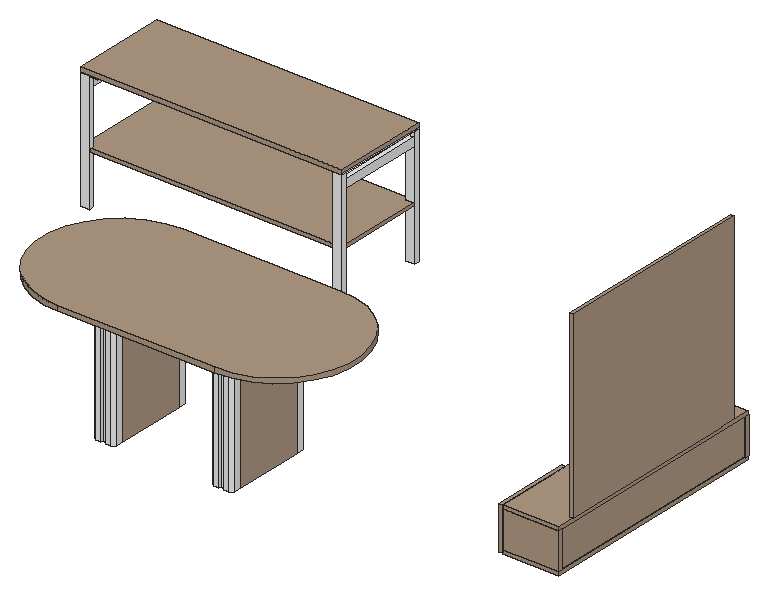
Revit family "T400005", category Furniture, Revit 2013
Parameters (values of type "T400005")
  Width = 173 11/16"
  URL = "http://www.ofsbrands.com/"
  Top Core Material = OFS BRANDS INTERMIX Top Core Wood
  Model = "T400005"
  Manufacturer = "FIRST OFFICE"
  Height = 72"
  Feet Material = OFS BRANDS INTERMIX Feet Metal
  Door Material = OFS BRANDS INTERMIX Door Plastic
  Description = "OFS BRANDS FIRST OFFICE INTERMIX TYPICAL T400005"
  Depth = 101 3/4"
  Copyright © = "© 2018 OFS BRANDS"
  Chassis Material = OFS BRANDS INTERMIX Chassis Wood
  Catalog = "http://ofsbrands.com/products/tables/conference-tables/intermix"
  Conector Clip Material = OFS BRANDS INTERMIX Conector Clip Metal
  Back Coverage Material = OFS BRANDS INTERMIX Back Coverage Plastic
  Authoring Version = "Autodesk Revit Architecture 2013"
  Assembly Code = "E2020200"
Reference planes (in)
  plane 1 "Center (Front/Back)": y = 0
  plane 2: z = 0
  plane 3 "Center (Left/Right)": x = 0
Forms (in)
  Extrusion 1, solid, material "OFS BRANDS INTERMIX Chassis Wood" <- "Chassis Material"
    sketch origin (86.59104, -3.2404, -26.25) x (1, 0, 0) y (0, 1, 0)
      loop
        line (-12.75, 6.75) -> (-12.75, -47.625) -> (0.25, -47.625) -> (0.25, 6.75) -> (-12.75, 6.75)
    from 55.49999 to 56.24999
  Extrusion 2, solid, material "OFS BRANDS INTERMIX Chassis Wood" <- "Chassis Material"
    sketch origin (86.59104, -3.2404, -35.5) x (1, 0, 0) y (0, 1, 0)
      loop
        line (-12.75, 6.75) -> (-12.75, -47.625) -> (0.25, -47.625) -> (0.25, 6.75) -> (-12.75, 6.75)
    from 55.49999 to 56.24999
  Extrusion 3, solid, material "OFS BRANDS INTERMIX Chassis Wood" <- "Chassis Material"
    sketch origin (80.09104, -9.74041, -13.5) x (1, 0, 0) y (0, 0, 1)
      loop
        line (6.75, 42.74999) -> (-6.25, 42.74999) -> (-6.25, 34.25) -> (6.75, 34.25) -> (6.75, 42.74999)
    from -13.25 to -12.50001
  Extrusion 4, solid, material "OFS BRANDS INTERMIX Chassis Wood" <- "Chassis Material"
    sketch origin (80.09104, -63.36541, -13.5) x (1, 0, 0) y (0, 0, 1)
      loop
        line (6.75, 42.74999) -> (-6.25, 42.74999) -> (-6.25, 34.25) -> (6.75, 34.25) -> (6.75, 42.74999)
    from -13.25 to -12.50001
  Extrusion 5, solid, material "OFS BRANDS INTERMIX Chassis Wood" <- "Chassis Material"
    sketch origin (80.09104, -45.61541, -13.5) x (1, 0, 0) y (0, 0, 1)
      loop
        line (5.5, 42.74999) -> (-6.25, 42.74999) -> (-6.25, 34.25) -> (5.5, 34.25) -> (5.5, 42.74999)
    from -13.25 to -12.50001
  Extrusion 6, solid, material "OFS BRANDS INTERMIX Chassis Wood" <- "Chassis Material"
    sketch origin (80.09104, -27.49041, -13.5) x (1, 0, 0) y (0, 0, 1)
      loop
        line (5.5, 42.74999) -> (-6.25, 42.74999) -> (-6.25, 34.25) -> (5.5, 34.25) -> (5.5, 42.74999)
    from -13.25 to -12.50001
  Extrusion 7, solid, material "OFS BRANDS INTERMIX Chassis Wood" <- "Chassis Material"
    sketch origin (98.84105, -2.7404, -13.5) x (0, 1, 0) y (0, 0, 1)
      loop
        line (5.5, 42.74999) -> (-47.375, 42.74999) -> (-47.375, 34.25) -> (5.5, 34.25) -> (5.5, 42.74999)
    from -13.25 to -12.50001
  Extrusion 8, solid, material "OFS BRANDS INTERMIX Chassis Wood" <- "Chassis Material"
    sketch origin (99.34105, -2.7404, 29.25001) x (0, 1, 0) y (0, 0, 1)
      loop
        line (2.0625, 42.74999) -> (-43.9375, 42.74999) -> (-43.9375, 0.74999) -> (2.0625, 0.74999) -> (2.0625, 42.74999)
    from -13.25 to -12.50001
  Extrusion 9, solid, material "OFS BRANDS INTERMIX Top Core Wood" <- "Top Core Material"
    sketch origin (-41.84417, 39.62412, 0.93745) x (0, -1, 0) y (1, 0, 0)
      loop
        arc (47.35802, 7.86874) -> (65.35801, -10.13127) -> (83.35802, 7.86872) r 18
        line (83.35802, 7.86872) -> (83.35804, 43.86872)
        arc (83.35804, 43.86872) -> (65.35805, 61.86873) -> (47.35804, 43.86874) r 18
        line (47.35804, 43.86874) -> (47.35802, 7.86874)
    from 27.87542 to 29.00005
  Extrusion 10, solid, material "OFS BRANDS INTERMIX Feet Metal" <- "Feet Material"
    sketch origin (-53.28211, 62.99307, 0) x (1, 0, 0) y (0, 1, 0)
      loop
        line (-33.55894, -34.06516) -> (-31.55894, -34.06516) -> (-31.55894, -33.06516) -> (-33.55894, -33.06516) -> (-33.55894, -34.06516)
    from 0 to 27.4307
  Extrusion 11, solid, material "OFS BRANDS INTERMIX Feet Metal" <- "Feet Material"
    sketch origin (-95.87693, 26.68886, 0) x (0, -1, 0) y (0, 0, 1)
      loop
        line (-3.23905, 24.0557) -> (-3.23905, 26.0557) -> (-23.17655, 26.0557) -> (-23.17655, 24.0557) -> (-3.23905, 24.0557)
    from -10.16088 to -9.16088
  Extrusion 12, solid, material "OFS BRANDS INTERMIX Feet Metal" <- "Feet Material"
    sketch origin (-53.28211, 16.80024, 0) x (1, 0, 0) y (0, 1, 0)
      loop
        line (-33.55894, 34.06516) -> (-33.55894, 33.06516) -> (-31.55894, 33.06516) -> (-31.55894, 34.06516) -> (-33.55894, 34.06516)
    from 0 to 27.4307
  Extrusion 13, solid, material "OFS BRANDS INTERMIX Feet Metal" <- "Feet Material"
    sketch origin (-53.28211, 16.80024, 0.1943) x (1, 0, 0) y (0, 1, 0)
      loop
        line (-33.55894, 34.06516) -> (-33.55894, 12.12766) -> (-29.55894, 12.12766) -> (-29.55894, 34.06516) -> (-33.55894, 34.06516)
    from 27.2364 to 27.4307
  Extrusion 14, solid, material "OFS BRANDS INTERMIX Top Core Wood" <- "Top Core Material"
    sketch origin (119.15574, -35.14453, 0.93745) x (0, -1, 0) y (1, 0, 0)
      loop
        line (-86.01003, -205.99674) -> (-64.01003, -205.99676) -> (-64.01, -145.99676) -> (-86.01, -145.99675) -> (-86.01003, -205.99674)
    from 26.68755 to 27.68755
  Extrusion 15, solid, material "OFS BRANDS INTERMIX Top Core Wood" <- "Top Core Material"
    sketch origin (119.15574, -35.14453, -15.18755) x (0, -1, 0) y (1, 0, 0)
      loop
        line (-85.82253, -203.99675) -> (-85.01, -203.99675) -> (-85.01, -205.74675) -> (-65.07253, -205.74675) -> (-65.07253, -203.99675) -> (-64.32252, -203.99675) -> (-64.3225, -147.99675) -> (-65.07253, -147.99675) -> (-65.07253, -146.24675) -> (-85.01, -146.24674) -> (-85.01, -147.99675) -> (-85.8225, -147.99675) -> (-85.82253, -203.99675)
    from 26.93755 to 27.68755
  Extrusion 16, solid, material "OFS BRANDS INTERMIX Feet Metal" <- "Feet Material"
    sketch origin (-60.39998, 62.99307, 0) x (-1, 0, 0) y (0, -1, 0)
      loop
        line (-33.55894, 34.06516) -> (-33.55894, 33.06516) -> (-31.55894, 33.06516) -> (-31.55894, 34.06516) -> (-33.55894, 34.06516)
    from 0 to 27.4307
  Extrusion 17, solid, material "OFS BRANDS INTERMIX Feet Metal" <- "Feet Material"
    sketch origin (-17.80516, 26.68886, 0) x (0, -1, 0) y (0, 0, -1)
      loop
        line (-3.23905, -24.0557) -> (-23.17655, -24.0557) -> (-23.17655, -26.0557) -> (-3.23905, -26.0557) -> (-3.23905, -24.0557)
    from -10.16088 to -9.16088
  Extrusion 18, solid, material "OFS BRANDS INTERMIX Feet Metal" <- "Feet Material"
    sketch origin (-60.39998, 16.80024, 0) x (-1, 0, 0) y (0, -1, 0)
      loop
        line (-33.55894, -34.06516) -> (-31.55894, -34.06516) -> (-31.55894, -33.06516) -> (-33.55894, -33.06516) -> (-33.55894, -34.06516)
    from 0 to 27.4307
  Extrusion 19, solid, material "OFS BRANDS INTERMIX Feet Metal" <- "Feet Material"
    sketch origin (-60.39998, 16.80024, 0.1943) x (-1, 0, 0) y (0, -1, 0)
      loop
        line (-33.55894, -34.06516) -> (-29.55894, -34.06516) -> (-29.55894, -12.12766) -> (-33.55894, -12.12766) -> (-33.55894, -34.06516)
    from 27.2364 to 27.4307
  Extrusion 20, solid, material "OFS BRANDS INTERMIX Top Core Wood" <- "Top Core Material"
    sketch origin (119.15574, 23.17786, -57.38493) x (0, 0, -1) y (-1, 0, 0)
      loop
        line (-84.81573, 203.99675) -> (-84.8157, 147.99675) -> (-81.2537, 147.99675) -> (-81.25373, 203.99675) -> (-84.81573, 203.99675)
    from 26.93755 to 27.68755
  Extrusion 21, solid, material "OFS BRANDS INTERMIX Chassis Wood" <- "Chassis Material"
    sketch origin (83.59105, -2.7404, -13.5) x (0, 1, 0) y (0, 0, 1)
      loop
        line (-30, 43.4375) -> (-48.0625, 43.4375) -> (-48.0625, 33.5625) -> (-30, 33.5625) -> (-30, 43.4375)
    from -10.5 to -9.75001
  Extrusion 22, solid, material "OFS BRANDS INTERMIX Chassis Wood" <- "Chassis Material"
    sketch origin (83.59105, 33.4471, -13.5) x (0, 1, 0) y (0, 0, 1)
      loop
        line (-30, 43.4375) -> (-48.0625, 43.4375) -> (-48.0625, 33.5625) -> (-30, 33.5625) -> (-30, 43.4375)
    from -10.5 to -9.75001
  Extrusion 23, solid, material "OFS BRANDS INTERMIX Chassis Wood" <- "Chassis Material"
    sketch origin (-32.47542, -39.21623, 0) x (0, -1, 0) y (0, 0, 1)
      loop
        line (-5.48233, 0) -> (-5.48233, 28.0625) -> (-21.48233, 28.0625) -> (-21.48233, 0) -> (-5.48233, 0)
    from -1.1875 to -0.4375
  Extrusion 24, solid, material "OFS BRANDS INTERMIX Feet Metal" <- "Feet Material"
    sketch origin (2.77547, 15.14577, 0) x (1, 0, 0) y (0, 1, 0)
      loop
        line (-38.75088, -53.41093) -> (-25.75088, -53.41093) -> (-25.75088, -28.34843) -> (-38.75088, -28.34843) -> (-38.75088, -53.41093)
    from 28.0625 to 28.81287
  Extrusion 25, solid, material "OFS BRANDS INTERMIX Chassis Wood" <- "Chassis Material"
    sketch origin (-26.56916, -39.21623, 0) x (0, -1, 0) y (0, 0, -1)
      loop
        line (-5.48233, 0) -> (-21.48233, 0) -> (-21.48233, -28.0625) -> (-5.48233, -28.0625) -> (-5.48233, 0)
    from -1.1875 to -0.4375
  Extrusion 26, solid, material "OFS BRANDS INTERMIX Feet Metal" <- "Feet Material"
    sketch origin (2.77547, 18.14577, 0) x (1, 0, 0) y (0, 1, 0)
      loop
        line (-34.79776, -51.87967) -> (-34.79776, -53.62968) -> (-34.04776, -54.37968) -> (-32.79776, -54.37968) -> (-32.79776, -53.87967) -> (-31.79776, -53.87967) -> (-31.79776, -54.37968) -> (-30.54776, -54.37968) -> (-29.79776, -53.62968) -> (-29.79776, -51.87967) -> (-30.53213, -51.87967) -> (-30.53213, -50.87968) -> (-34.06339, -50.87968) -> (-34.06339, -51.87967) -> (-34.79776, -51.87967)
    from 0 to 28.0625
  Extrusion 27, solid, material "OFS BRANDS INTERMIX Feet Metal" <- "Feet Material"
    sketch origin (2.77547, -69.61358, 0) x (1, 0, 0) y (0, 1, 0)
      loop
        line (-34.79776, 51.87967) -> (-34.06339, 51.87967) -> (-34.06339, 50.87968) -> (-30.53213, 50.87968) -> (-30.53213, 51.87967) -> (-29.79776, 51.87967) -> (-29.79776, 53.62968) -> (-30.54776, 54.37968) -> (-31.79776, 54.37968) -> (-31.79776, 53.87967) -> (-32.79776, 53.87967) -> (-32.79776, 54.37968) -> (-34.04776, 54.37968) -> (-34.79776, 53.62968) -> (-34.79776, 51.87967)
    from 0 to 28.0625
  Extrusion 28, solid, material "OFS BRANDS INTERMIX Chassis Wood" <- "Chassis Material"
    sketch origin (0.52459, -39.21623, 0) x (0, -1, 0) y (0, 0, -1)
      loop
        line (-5.48233, 0) -> (-21.48233, 0) -> (-21.48233, -28.0625) -> (-5.48233, -28.0625) -> (-5.48233, 0)
    from -1.1875 to -0.4375
  Extrusion 29, solid, material "OFS BRANDS INTERMIX Feet Metal" <- "Feet Material"
    sketch origin (-34.7263, 15.14577, 0) x (-1, 0, 0) y (0, -1, 0)
      loop
        line (-38.75088, 53.41093) -> (-38.75088, 28.34843) -> (-25.75088, 28.34843) -> (-25.75088, 53.41093) -> (-38.75088, 53.41093)
    from 28.0625 to 28.81287
  Extrusion 30, solid, material "OFS BRANDS INTERMIX Chassis Wood" <- "Chassis Material"
    sketch origin (-5.38167, -39.21623, 0) x (0, -1, 0) y (0, 0, 1)
      loop
        line (-5.48233, 0) -> (-5.48233, 28.0625) -> (-21.48233, 28.0625) -> (-21.48233, 0) -> (-5.48233, 0)
    from -1.1875 to -0.4375
  Extrusion 31, solid, material "OFS BRANDS INTERMIX Feet Metal" <- "Feet Material"
    sketch origin (-34.7263, 18.14577, 0) x (-1, 0, 0) y (0, -1, 0)
      loop
        line (-34.79776, 51.87967) -> (-34.06339, 51.87967) -> (-34.06339, 50.87968) -> (-30.53213, 50.87968) -> (-30.53213, 51.87967) -> (-29.79776, 51.87967) -> (-29.79776, 53.62968) -> (-30.54776, 54.37968) -> (-31.79776, 54.37968) -> (-31.79776, 53.87967) -> (-32.79776, 53.87967) -> (-32.79776, 54.37968) -> (-34.04776, 54.37968) -> (-34.79776, 53.62968) -> (-34.79776, 51.87967)
    from 0 to 28.0625
  Extrusion 32, solid, material "OFS BRANDS INTERMIX Feet Metal" <- "Feet Material"
    sketch origin (-34.7263, -69.61358, 0) x (-1, 0, 0) y (0, -1, 0)
      loop
        line (-34.79776, -51.87967) -> (-34.79776, -53.62968) -> (-34.04776, -54.37968) -> (-32.79776, -54.37968) -> (-32.79776, -53.87967) -> (-31.79776, -53.87967) -> (-31.79776, -54.37968) -> (-30.54776, -54.37968) -> (-29.79776, -53.62968) -> (-29.79776, -51.87967) -> (-30.53213, -51.87967) -> (-30.53213, -50.87968) -> (-34.06339, -50.87968) -> (-34.06339, -51.87967) -> (-34.79776, -51.87967)
    from 0 to 28.0625
Dimensions and locks (in)
  aligned and locked: level to plane 2
